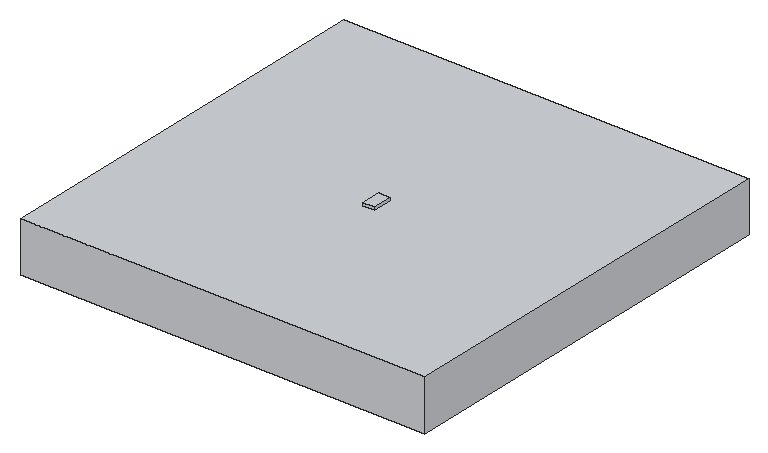
Revit family "M_Estação de banheiro", category Dispositivos de chamada de enfermeira, Revit 2019
Family settings
  Hospedeiro = Face
  Manter orientação da anotação = Sim
  Cota do conector redondo = Utilizar diâmetro
  Tipo de parte = Normal
  Número OmniClass = 23.85.30.24.14
  Título OmniClass = Nurse Call Systems
  ID de item do Seek = Toilet Station-0000-CAN-ENU
  Corte com vazios quando carregada = Não
  Compartilhado = Não
  Ponto de cálculo do ambiente = Não
Parameters (values of type "Padrão")
  Projeto = 17 mm
  Legenda = "N"
  Elevação-padrão = 1200 mm
  Largura da placa frontal = 114 mm
  Material da placa frontal = none
  Comprimento da placa frontal = 71 mm
  Altura da placa frontal = 41 mm
Reference planes
  plane 1 "Centro (Frente/Trás)": y = 0
  plane 2: z = 0
  plane 3 "Centro (Esquerda/Direita)": x = 0
  plane 4: y = -114
  plane 5: x = -35.5
  plane 6: x = 35.5
  plane 7: z = 17
  plane 8: z = -24
  plane 9: x = -22.8
  plane 10: x = 22.8
  plane 11: y = -12.7
  plane 12: y = -101.3
Forms (mm)
  Extrusion 1, solid
    sketch origin (0, 0, 0) x (1, 0, 0) y (0, 1, 0)
      loop
        line (-1219.2, 1219.2) -> (-1219.2, -1219.2) -> (1219.2, -1219.2) -> (1219.2, 1219.2) -> (-1219.2, 1219.2)
    from 0 to -304.8
  Extrusion 2, solid, material <- "Material da placa frontal"
    sketch origin (0, 0, 0) x (1, 0, 0) y (0, 1, 0)
      loop
        line (-35.5, 0) -> (-35.5, -114) -> (35.5, -114) -> (35.5, 0) -> (-35.5, 0)
    from 0 to 17
  Extrusion 3, solid, material <- "Material da placa frontal"
    sketch origin (0, 0, 0) x (1, 0, 0) y (0, 1, 0)
      loop
        line (-22.8, -12.7) -> (-22.8, -101.3) -> (22.8, -101.3) -> (22.8, -12.7) -> (-22.8, -12.7)
    from -24 to 0
Lines and regions (mm)
  symbolic lines, detail levels fine
    curve 1: line (35.5, 0, 17) -> (-35.5, 0, 17)
    curve 2: line (-35.5, 0, 17) -> (-35.5, 0, 0)
    curve 3: line (35.5, 0, 0) -> (35.5, 0, 17)
    curve 4: line (-35.5, 0, 0) -> (35.5, 0, 0)
    curve 5: line (-22.8, 0, 0) -> (-22.8, 0, -24)
    curve 6: line (22.8, 0, -24) -> (22.8, 0, 0)
    curve 7: line (-22.8, 0, -24) -> (22.8, 0, -24)
Dimensions and locks
  equal spacing: plane 5, plane 3 "Centro (Esquerda/Direita)", plane 6
  "Comprimento da placa frontal": plane 5 to plane 6
  "Largura da placa frontal": plane 1 "Centro (Frente/Trás)" to plane 4
  locked: plane 5 to plane 9 at 12.7
  locked: plane 10 to plane 6 at 12.7
  locked: plane 1 "Centro (Frente/Trás)" to plane 11 at 12.7
  locked: plane 12 to plane 4 at 12.7
  "Altura da placa frontal": plane 7 to plane 8
  "Projeto": plane 7 to plane 2
  aligned and locked: plane 2 to Extrusion 1
  aligned and locked: level to Extrusion 1
  aligned and locked: plane 5 to Extrusion 2 sketch curve
  aligned and locked: plane 1 "Centro (Frente/Trás)" to Extrusion 2 sketch curve
  aligned and locked: plane 4 to Extrusion 2 sketch curve
  aligned and locked: Extrusion 2 sketch curve to plane 6
  aligned and locked: plane 9 to Extrusion 3 sketch curve
  aligned and locked: Extrusion 3 sketch curve to plane 11
  aligned and locked: plane 12 to Extrusion 3 sketch curve
  aligned and locked: Extrusion 3 sketch curve to plane 10
  aligned and locked: Extrusion 3 to plane 8
  aligned and locked: plane 7 to Extrusion 2
  aligned and locked: Extrusion 2 to plane 2
  aligned and locked: plane 2 to Extrusion 3
  aligned and locked: curve 1 to Extrusion 2
  aligned and locked: curve 2 to Extrusion 2
  aligned and locked: curve 3 to Extrusion 2
  aligned and locked: curve 4 to Extrusion 2
  aligned and locked: curve 5 to Extrusion 3
  aligned and locked: curve 6 to Extrusion 3
  aligned and locked: curve 7 to Extrusion 3
  aligned and locked: plane 1 "Centro (Frente/Trás)" to nested 1
  aligned and locked: plane 3 "Centro (Esquerda/Direita)" to nested 1
Automatic sketch dimensions
  Extrusion 1 sketch curve to Extrusion 1 sketch curve = 2438.4 mm  (x2)
Nested families
  nested 1: "M_Anotação de estação de banheiro" at (0, 0, 0), type "Anotação da estação de banheiros", detail levels coarse+medium
Connectors
  electrical at (0, -12.7, -12)
    settings: on Extrusion 3, index 1, voltage 0 V, apparent load 0 VA, apparent load phase1 0 VA, apparent load phase2 0 VA, apparent load phase3 0 VA, power factor 1, load classification "Outros", number of poles 1, system type 12, power factor state 1, is connector primary yes, connector utility no, sub classification motor no, connector description ""
Definition of nested family "M_Anotação de estação de banheiro"
  Parameters
    Anotação de legenda = "N"
  Reference planes
    plane 1: y = 0
    plane 2: x = 0
  Lines and regions (mm)
    reference lines
      curve 1: line (1.984, 11.258, 0) -> (1.984, -5.783, 0)
      curve 2: line (-1.984, 11.258, 0) -> (-1.984, -5.783, 0)
      curve 3: line (-4.907, 3.969, 0) -> (19.767, 3.969, 0)
      curve 4: line (-4.907, 0, 0) -> (19.767, 0, 0)
    detail lines
      curve 5: line (-1.984, 3.969, 0) -> (1.984, 3.969, 0)
      curve 6: line (-1.984, 0, 0) -> (-1.984, 3.969, 0)
      curve 7: line (1.984, 0, 0) -> (-1.984, 0, 0)
      curve 8: line (1.984, 3.969, 0) -> (1.984, 0, 0)
  Text (mm)
    label "N" at (-1.154, 1.904, 0), shows "Anotação de legenda"
  Dimensions and locks
    locked: plane 2 to curve 1 at 1.984
    locked: curve 2 to plane 2 at 1.984
    locked: curve 4 to plane 1 at 0
    locked: curve 4 to curve 3 at 3.969
    aligned and locked: curve 3 to curve 5
    aligned and locked: curve 1 to curve 8
    aligned and locked: curve 7 to curve 4
    aligned and locked: curve 6 to curve 2
